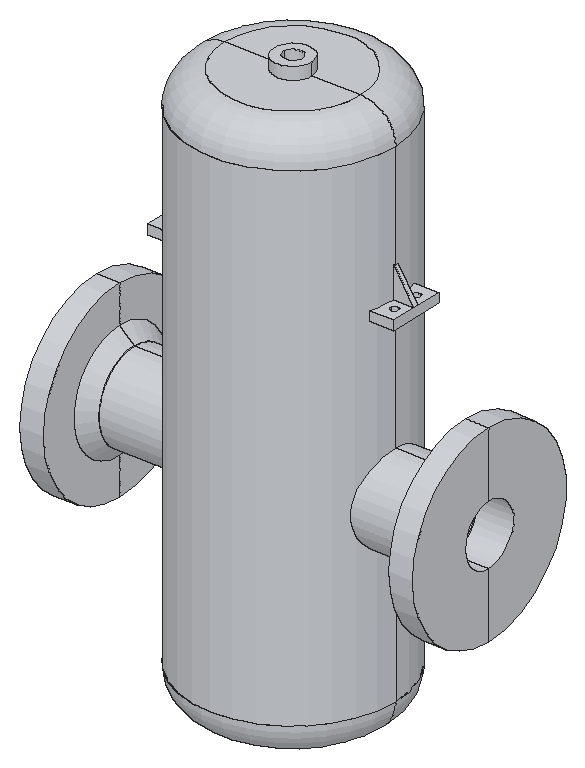
Revit family "Pipe_Accessories_Separator_Spirax-Sarco_S8-Carbon-Steel-Separator", category Pipe Accessories, Revit 2013
Parameters (values of type "DN65")
  _distributed by = "www.bimstore.co.uk"
  _current revision = 1  # constant formula
  _created by = "Dayle Zieleniewski"  # constant formula
  _bimspec_guid = 0
  Weight = if(Pipe Size = 65 mm, 38.00 kg, if(Pipe Size = 80 mm, 58.00 kg, if(Pipe Size = 100 mm, 83.00 kg, if(Pipe Size = 125 mm, 118.00 kg, if(Pipe Size = 150 mm, 154.00 kg, if(Pipe Size = 200 mm, 292.00 kg, if(Pipe Size = 250 mm, 440.00 kg, if(Pipe Size = 300 mm, 564.00 kg, 735.00 kg))))))))  # 38.00 kg
  WarrantyStartDate [instance] = ""
  WarrantyGuarantorParts = ""
  WarrantyGuarantorLabour = ""
  WarrantyDurationUnit = "Years"  # constant formula
  WarrantyDurationParts = 0
  WarrantyDurationLabour = 0
  WarrantyDescription = ""
  Uniclass2 = "90-20-75/325"  # constant formula
  TypeName [instance] = Type Comments  # "DN65"
  Standards = "This product fully complies with the requirements of the European Pressure Equipment Directive 97 / 23 / EC and is designed and manufactured in accordance with EN 13445:2002 – 'Unfired Pressure Vessels'."  # constant formula
  SpareParts = ""
  Size = Type Comments  # "DN65"
  Shape = ""
  SerialNumber [instance] = "1384071"
  SUPPORT HOLE DIA = if(Pipe Size = 65 mm, 8.5 mm, if(Pipe Size = 80 mm, 8.5 mm, if(Pipe Size = 100 mm, 8.5 mm, if(Pipe Size = 125 mm, 10.5 mm, if(Pipe Size = 150 mm, 10.5 mm, if(Pipe Size = 200 mm, 10.5 mm, if(Pipe Size = 250 mm, 12.5 mm, if(Pipe Size = 300 mm, 12.5 mm, 14.5 mm))))))))  # 8.5 mm
  ReplacementCost = 0
  ReferencedStandard = ""
  ProductionYear = ""
  Pipe outter = Pipe Size + 30 mm  # 95 mm
  Pipe Radius = Pipe Size / 2  # 32.5 mm
  Optional Extras = "Heavy duty springs, Viton soft seats, EPDM soft seats "  # constant formula
  ModelNumber = Model  # "S8 Stainless Steel Separator DN65 to DN350"
  Material = "Stainless Steel"  # constant formula
  K = if(Pipe Size = 65 mm, 30 mm, if(Pipe Size = 80 mm, 30 mm, if(Pipe Size = 100 mm, 40 mm, if(Pipe Size = 125 mm, 44 mm, if(Pipe Size = 150 mm, 60 mm, if(Pipe Size = 200 mm, 60 mm, if(Pipe Size = 250 mm, 72 mm, if(Pipe Size = 300 mm, 72 mm, 108 mm))))))))  # 30 mm
  J = if(Pipe Size = 65 mm, 263 mm, if(Pipe Size = 80 mm, 318 mm, if(Pipe Size = 100 mm, 384 mm, if(Pipe Size = 125 mm, 416 mm, if(Pipe Size = 150 mm, 486 mm, if(Pipe Size = 200 mm, 560 mm, if(Pipe Size = 250 mm, 688 mm, if(Pipe Size = 300 mm, 698 mm, 816 mm))))))))  # 263 mm
  InstallationDate [instance] = ""
  H = if(Pipe Size = 65 mm, 100 mm, if(Pipe Size = 80 mm, 125 mm, if(Pipe Size = 100 mm, 125 mm, if(Pipe Size = 125 mm, 150 mm, if(Pipe Size = 150 mm, 150 mm, if(Pipe Size = 200 mm, 175 mm, if(Pipe Size = 250 mm, 175 mm, if(Pipe Size = 300 mm, 200 mm, 200 mm))))))))  # 100 mm
  Grade = ""
  G Radius = G / 2  # 10 mm
  G = if(Pipe Size = 65 mm, 20 mm, if(Pipe Size = 80 mm, 20 mm, if(Pipe Size = 100 mm, 20 mm, if(Pipe Size = 125 mm, 20 mm, if(Pipe Size = 150 mm, 20 mm, 50 mm)))))  # 20 mm
  Flange Standard = ""
  Finish = ""
  Features = ""
  FLANGE SIZE = (Pipe Size + 140 mm) / 2  # 102.5 mm
  F Radius = F / 2  # 12.5 mm
  F = if(Pipe Size = 65 mm, 25 mm, if(Pipe Size = 80 mm, 25 mm, 50 mm))  # 25 mm
  ExpectedLife = 0
  E = if(Pipe Size = 65 mm, 181 mm, if(Pipe Size = 80 mm, 204 mm, if(Pipe Size = 100 mm, 180 mm, if(Pipe Size = 125 mm, 247 mm, if(Pipe Size = 150 mm, 273 mm, if(Pipe Size = 200 mm, 372 mm, if(Pipe Size = 250 mm, 530 mm, if(Pipe Size = 300 mm, 540 mm, 525 mm))))))))  # 181 mm
  DurationUnit = "Years"  # constant formula
  DocumentationTechnical = "http://www.spiraxsarco.com/pdfs/TI/p138_10.pdf"
  DocumentationLiterature = ""
  DocumentationInstallationGuide = "http://www.spiraxsarco.com/pdfs/IM/p023_55.pdf"
  DocumentationCertificates = ""
  Disposal = "The product is recyclable. No ecological hazard is anticipated with disposal of this product providing due care is taken."  # constant formula
  Designed for a maximum cold hydraulic test pressure of: bar g = ""
  Design pressure bar g = ""
  Design Temperature = 0
  D = if(Pipe Size = 65 mm, 219 mm, if(Pipe Size = 80 mm, 273 mm, if(Pipe Size = 100 mm, 324 mm, if(Pipe Size = 125 mm, 377 mm, if(Pipe Size = 150 mm, 426 mm, if(Pipe Size = 200 mm, 530 mm, if(Pipe Size = 250 mm, 600 mm, if(Pipe Size = 300 mm, 600 mm, 700 mm))))))))  # 219 mm
  CreatedOn = "July 2014"  # constant formula
  CreatedBy = "UKEnquiries@SpiraxSarco.com"  # constant formula
  Consitituents = ""
  Color = ""
  CodePerformance = ""
  ClassificationValue = "L7136"  # constant formula
  ClassificationName = "Uniclass1.4"  # constant formula
  Certification = "This product is available with material certification to EN 10204 3.1 as standard. A full data dossier is available at extra cost – consult Spirax Sarco. Note: All certification / inspection requirements must be stated at the time of order placement."  # constant formula
  Carbon Steel = Spirax_Sarco-Stainless_Steel
  C = if(Pipe Size = 65 mm, 638 mm, if(Pipe Size = 80 mm, 735 mm, if(Pipe Size = 100 mm, 795 mm, if(Pipe Size = 125 mm, 843 mm, if(Pipe Size = 150 mm, 935 mm, if(Pipe Size = 200 mm, 1200 mm, if(Pipe Size = 250 mm, 1580 mm, if(Pipe Size = 300 mm, 1700 mm, 1800 mm))))))))  # 638 mm
  BarCode = ""
  BRACKET WIDTH = K * 2  # 60 mm
  BRACKET HEIGHT = (J - D)  # 44 mm
  BOTTOM VENT = F + 20 mm  # 45 mm
  URL = "http://www.spiraxsarco.com/uk/"
  Type Comments = if(Pipe Size = 65 mm, "DN65", if(Pipe Size = 80 mm, "DN80", if(Pipe Size = 100 mm, "DN100", if(Pipe Size = 125 mm, "DN125", if(Pipe Size = 150 mm, "DN150", if(Pipe Size = 200 mm, "DN200", if(Pipe Size = 250 mm, "DN250", if(Pipe Size = 300 mm, "DN300", "DN350"))))))))  # "DN65"
  TOP VENT = G + 20 mm  # 40 mm
  Product Link = ""
  Product Documentation Link = "http://www.spiraxsarco.com/pdfs/TI/p138_10.pdf"
  Pipe Size = 65 mm
  Operation = ""
  Model = "S8 Stainless Steel Separator DN65 to DN350"  # constant formula
  Maximum Allowable Pressure = "16 bar g at 120°C"  # constant formula
  Manufacturer = "Spirax Sarco Ltd"  # constant formula
  Loss Method = K Coefficient
  K Coefficient = 0  # constant formula
  Installation Note = "Installation note: To ensure efficient drainage of condensate a suitable ball float trap and air vent should be installed. For air / gas applications a balance line is required between the CA trap and the main line or top of the separator – consult Spirax Sarco for further details."  # constant formula
  Description = "The S8 is a stainless steel baffle type separator for the efficient removal of entrained liquids from steam, air and gas systems. A suitable steam trap (FT) or liquid drainer (CA) is required to drain the collected condensate / liquid depending on the application: For steam service fit an FT ball float steam trap and AV air vent. For air / gas service fit a CA ball float liquid drainer"  # constant formula
  BEND OFFSET = D / 6  # 36.5 mm
  B = if(Pipe Size = 65 mm, 252 mm, if(Pipe Size = 80 mm, 332 mm, if(Pipe Size = 100 mm, 337 mm, if(Pipe Size = 125 mm, 310 mm, if(Pipe Size = 150 mm, 347 mm, if(Pipe Size = 200 mm, 460 mm, if(Pipe Size = 250 mm, 615 mm, if(Pipe Size = 300 mm, 740 mm, 754 mm))))))))  # 252 mm
  AssetType = "Fixed"  # constant formula
  AssetIdentifier = ""
  Assembly Code = "D30"
  AccessibilityPerformance = ""
  A = if(Pipe Size = 65 mm, 420 mm, if(Pipe Size = 80 mm, 489 mm, if(Pipe Size = 100 mm, 574 mm, if(Pipe Size = 125 mm, 656 mm, if(Pipe Size = 150 mm, 706 mm, if(Pipe Size = 200 mm, 858 mm, if(Pipe Size = 250 mm, 950 mm, if(Pipe Size = 300 mm, 1010 mm, 1100 mm))))))))  # 420 mm
Types (9, lengths in mm): name | Weight | TypeName | Size | SerialNumber | SUPPORT HOLE DIA | Pipe outter | Pipe Radius | K | J | H | G Radius | G | FLANGE SIZE | F Radius | F | E | D | C | BRACKET WIDTH | BRACKET HEIGHT | BOTTOM VENT | Type Comments | TOP VENT | Pipe Size | BEND OFFSET | B | A
  DN65 | 38.00 kg | "DN65" | "DN65" | "1384071" | 8.5 | 95 | 32.5 | 30 | 263 | 100 | 10 | 20 | 102.5 | 12.5 | 25 | 181 | 219 | 638 | 60 | 44 | 45 | "DN65" | 40 | 65 | 36.5 | 252 | 420
  DN80 | 58.00 kg | "DN80" | "DN80" | "1384171" | 8.5 | 110 | 40 | 30 | 318 | 125 | 10 | 20 | 110 | 12.5 | 25 | 204 | 273 | 735 | 60 | 45 | 45 | "DN80" | 40 | 80 | 45.5 | 332 | 489
  DN100 | 83.00 kg | "DN100" | "DN100" | "1383271" | 8.5 | 130 | 50 | 40 | 384 | 125 | 10 | 20 | 120 | 25 | 50 | 180 | 324 | 795 | 80 | 60 | 70 | "DN100" | 40 | 100 | 54 | 337 | 574
  DN125 | 118.00 kg | "DN125" | "DN125" | "1383371" | 10.5 | 155 | 62.5 | 44 | 416 | 150 | 10 | 20 | 132.5 | 25 | 50 | 247 | 377 | 843 | 88 | 39 | 70 | "DN125" | 40 | 125 | 62.833 | 310 | 656
  DN150 | 154.00 kg | "DN150" | "DN150" | "1383471" | 10.5 | 180 | 75 | 60 | 486 | 150 | 10 | 20 | 145 | 25 | 50 | 273 | 426 | 935 | 120 | 60 | 70 | "DN150" | 40 | 150 | 71 | 347 | 706
  DN200 | 292.00 kg | "DN200" | "DN200" | "1383571" | 10.5 | 230 | 100 | 60 | 560 | 175 | 25 | 50 | 170 | 25 | 50 | 372 | 530 | 1200 | 120 | 30 | 70 | "DN200" | 70 | 200 | 88.333 | 460 | 858
  DN250 | 440.00 kg | "DN250" | "DN250" | "1383671" | 12.5 | 280 | 125 | 72 | 688 | 175 | 25 | 50 | 195 | 25 | 50 | 530 | 600 | 1580 | 144 | 88 | 70 | "DN250" | 70 | 250 | 100 | 615 | 950
  DN300 | 564.00 kg | "DN300" | "DN300" | "1383771" | 12.5 | 330 | 150 | 72 | 698 | 200 | 25 | 50 | 220 | 25 | 50 | 540 | 600 | 1700 | 144 | 98 | 70 | "DN300" | 70 | 300 | 100 | 740 | 1010
  DN350 | 735.00 kg | "DN350" | "DN350" | "1383871" | 14.5 | 380 | 175 | 108 | 816 | 200 | 25 | 50 | 245 | 25 | 50 | 525 | 700 | 1800 | 216 | 116 | 70 | "DN350" | 70 | 350 | 116.667 | 754 | 1100
Reference planes
  plane 1 "Center (Front/Back)": y = 0
  plane 2: z = 0
  plane 3 "Center (Left/Right)": x = 0
  plane 4: x = -210
  plane 5: x = 210
  plane 6: z = 386
  plane 7: z = -252
  plane 8: z = 181
  plane 9: x = -109.5
  plane 10: x = 109.5
  plane 11: z = 373
  plane 12: z = -232.5
  plane 13: z = 336.5
  plane 14: z = -196
  plane 15: x = -73
  plane 16: x = 73
  plane 17: x = 185
  plane 18: x = 170
  plane 19: x = -185
  plane 20: x = -170
  plane 21: z = 102.5
  plane 22: z = 62.5
  plane 23: z = 47.5
  plane 24: x = -131.5
  plane 25: x = 131.5
  plane 26: z = 225
  plane 27: z = 191
  plane 28: y = 15
  plane 29: y = -15
  plane 30: x = -120.5
  plane 31: x = 120.5
  plane 32: y = 30
  plane 33: y = -30
  plane 34: y = 2.5
  plane 35: y = -2.5
Forms (mm)
  Extrusion 1, solid, detail levels fine
    sketch origin (0, 0, 0) x (1, 0, 0) y (0, 1, 0)
      loop
        circle (0, 0) r 109.5
    from -196 to 336.5
  Revolve 2, solid, detail levels fine
    sketch origin (0, 0, 0) x (1, 0, 0) y (0, 0, 1)
      loop
        arc (-73, 373) -> (-98.809, 362.309) -> (-109.5, 336.5) r 36.5
        line (-109.5, 336.5) -> (0, 336.5) -> (0, 373) -> (-73, 373)
      loop
        arc (-109.5, -196) -> (-98.809, -221.81) -> (-73, -232.5) r 36.5
        line (-73, -232.5) -> (0, -232.5) -> (0, -196) -> (-109.5, -196)
      axis (0, 373) -> (0, -232.5)
    angle from 0 to 360
  Extrusion 3, solid, detail levels fine
    sketch origin (-459.4, -1524, 373) x (-1, 0, 0) y (0, -1, 0)
      loop
        circle (-459.4, -1524) r 10
      loop
        circle (-459.4, -1524) r 20
    from 0 to 13
  Extrusion 4, solid, detail levels fine
    sketch origin (-424.494, -1524, -232.5) x (-1, 0, 0) y (0, -1, 0)
      loop
        circle (-424.494, -1524) r 12.5
      loop
        circle (-424.494, -1524) r 22.5
    from 0 to -19.5
  Revolve 5, solid, detail levels fine
    sketch origin (0, 0, 0) x (1, 0, 0) y (0, 0, 1)
      loop
        line (170, 0) -> (210, 0) -> (210, 102.5) -> (185, 102.5) -> (185, 62.5) -> (170, 47.5) -> (170, 0)
      loop
        line (-210, 102.5) -> (-210, 0) -> (-170, 0) -> (-170, 47.5) -> (-185, 62.5) -> (-185, 102.5) -> (-210, 102.5)
      axis (-210, 0) -> (210, 0)
    angle from 0 to 360
  Extrusion 6, solid, detail levels fine
    sketch origin (73, -1524, 574.196) x (0, 0, 1) y (0, -1, 0)
      loop
        circle (-574.196, -1524) r 32.5
      loop
        circle (-574.196, -1524) r 47.5
    from -243 to 97
  Extrusion 7, void
    sketch origin (73, -1524, 574.196) x (0, 0, -1) y (0, -1, 0)
      loop
        circle (574.196, -1524) r 32.5
    from -137 to 283
  Extrusion 8, solid, detail levels fine
    sketch origin (-424.494, -1524, -232.5) x (-1, 0, 0) y (0, -1, 0)
      loop
        line (-292.994, -1554) -> (-292.994, -1494) -> (-351.494, -1494) -> (-351.494, -1554) -> (-292.994, -1554)
      loop
        line (-497.494, -1554) -> (-497.494, -1494) -> (-555.994, -1494) -> (-555.994, -1554) -> (-497.494, -1554)
      loop
        circle (-544.994, -1539) r 4.25
      loop
        circle (-544.994, -1509) r 4.25
      loop
        circle (-303.994, -1509) r 4.25
      loop
        circle (-303.994, -1539) r 4.25
    from 413.5 to 423.5
  Extrusion 9, solid, detail levels fine
    sketch origin (-587.321, -30, 1200) x (-1, 0, 0) y (0, 0, 1)
      loop
        line (-477.821, -975) -> (-477.821, -1009) -> (-455.821, -1009) -> (-477.821, -975)
      loop
        line (-696.821, -975) -> (-718.821, -1009) -> (-696.821, -1009) -> (-696.821, -975)
    from 27.5 to 32.5
Cuts and joins
  Extrusion 7 cuts Extrusion 1
  Extrusion 7 cuts Extrusion 6
  joined: Extrusion 1, Extrusion 6, Extrusion 8
  Extrusion 7 cuts Revolve 5
Lines and regions (mm)
  model lines
    curve 1: line (-210, 0, 0) -> (210, 0, 0)
  reference lines
    curve 2: line (0, 0, 386) -> (0, 0, 336.5)
    curve 3: line (0, 0, -196) -> (0, 0, -252)
Dimensions and locks
  equal spacing: plane 5, plane 3 "Center (Left/Right)", plane 4
  "A": plane 5 to plane 4
  "B": level to plane 7
  "C": plane 6 to plane 7
  "E": plane 8 to level
  equal spacing: plane 10, plane 3 "Center (Left/Right)", plane 9
  "D": plane 10 to plane 9
  locked: plane 6 to plane 11 at 13
  locked: plane 12 to plane 7 at 19.5
  "BEND OFFSET": plane 14 to plane 12
  "BEND OFFSET": plane 10 to plane 16
  "BEND OFFSET": plane 15 to plane 9
  "BEND OFFSET": plane 11 to plane 13
  plane 5 to plane 17 to plane 18 = 25 mm locked, 15 mm locked
  plane 20 to plane 19 to plane 4 = 15 mm locked, 25 mm locked
  plane 21 to plane 22 to plane 23 = 40 mm locked, 15 mm locked
  "FLANGE SIZE": plane 21 to plane 2
  equal spacing: plane 25, plane 3 "Center (Left/Right)", plane 24
  "J": plane 25 to plane 24
  "BRACKET HEIGHT": plane 26 to plane 8
  locked: plane 27 to plane 8 at 10
  equal spacing: plane 28, plane 1 "Center (Front/Back)", plane 29
  "K": plane 28 to plane 29
  equal spacing: plane 24, plane 30, plane 9
  equal spacing: plane 10, plane 31, plane 25
  "BRACKET WIDTH": plane 32 to plane 33
  equal spacing: plane 32, plane 1 "Center (Front/Back)", plane 33
  locked: plane 34 to plane 35 at 5
  equal spacing: plane 34, plane 1 "Center (Front/Back)", plane 35
  "D": diameter of Extrusion 1 sketch curve
  "G": diameter of Extrusion 3 sketch curve
  "TOP VENT": diameter of Extrusion 3 sketch curve
  "F": diameter of Extrusion 4 sketch curve
  "BOTTOM VENT": diameter of Extrusion 4 sketch curve
  "Pipe Size": diameter of Extrusion 6 sketch curve
  "Pipe outter": diameter of Extrusion 6 sketch curve
  "Pipe Size": diameter of Extrusion 7 sketch curve
  "SUPPORT HOLE DIA": diameter of Extrusion 8 sketch curve  (x4)
  aligned and locked: level to plane 2
  aligned and locked: Extrusion 1 to plane 14
  aligned and locked: plane 13 to Extrusion 1
  aligned and locked: Revolve 2 sketch curve to plane 3 "Center (Left/Right)"  (x2)
  aligned and locked: plane 15 to Revolve 2 sketch curve  (x2)
  aligned and locked: Revolve 2 sketch curve to plane 11
  aligned and locked: plane 3 "Center (Left/Right)" to Revolve 2 sketch curve  (x3)
  aligned and locked: plane 9 to Revolve 2 sketch curve  (x2)
  aligned and locked: Revolve 2 sketch curve to plane 13
  aligned and locked: plane 13 to Revolve 2 sketch curve
  aligned and locked: plane 11 to Revolve 2 sketch curve
  aligned and locked: Revolve 2 sketch curve to plane 14
  aligned and locked: plane 12 to Revolve 2 sketch curve
  aligned and locked: plane 14 to Revolve 2 sketch curve
  aligned and locked: Revolve 2 sketch curve to plane 12
  aligned and locked: plane 6 to Extrusion 3
  aligned and locked: Extrusion 3 to plane 11
  aligned and locked: Extrusion 4 to plane 12
  aligned and locked: Extrusion 4 to plane 7
  aligned and locked: plane 5 to curve 1
  aligned and locked: plane 4 to curve 1
  aligned and locked: curve 1 to level
  aligned and locked: Revolve 5 sketch curve to level  (x3)
  aligned and locked: Revolve 5 sketch curve to plane 17
  aligned and locked: plane 18 to Revolve 5 sketch curve
  aligned and locked: plane 5 to Revolve 5 sketch curve
  aligned and locked: plane 21 to Revolve 5 sketch curve  (x2)
  aligned and locked: plane 22 to Revolve 5 sketch curve  (x2)
  aligned and locked: plane 23 to Revolve 5 sketch curve  (x2)
  aligned and locked: Revolve 5 sketch curve to plane 20
  aligned and locked: Revolve 5 sketch curve to plane 4
  aligned and locked: Revolve 5 sketch curve to plane 21
  aligned and locked: plane 19 to Revolve 5 sketch curve
  aligned and locked: plane 20 to Extrusion 6
  aligned and locked: plane 18 to Extrusion 6
  aligned and locked: Extrusion 7 to plane 4
  aligned and locked: plane 5 to Extrusion 7
  aligned and locked: Extrusion 8 sketch curve to plane 32  (x2)
  aligned and locked: Extrusion 8 sketch curve to plane 15
  aligned and locked: plane 33 to Extrusion 8 sketch curve  (x2)
  aligned and locked: plane 24 to Extrusion 8 sketch curve
  aligned and locked: Extrusion 8 sketch curve to plane 25
  aligned and locked: plane 16 to Extrusion 8 sketch curve
  aligned and locked: plane 27 to Extrusion 8
  aligned and locked: Extrusion 8 to plane 8
  aligned and locked: plane 34 to Extrusion 9
  aligned and locked: Extrusion 9 to plane 35
  aligned and locked: plane 13 to curve 2
  aligned and locked: plane 6 to curve 2
  aligned and locked: curve 2 to plane 3 "Center (Left/Right)"
  aligned and locked: plane 7 to curve 3
  aligned and locked: plane 14 to curve 3
  aligned and locked: curve 3 to plane 3 "Center (Left/Right)"
  aligned and locked: plane 5 to nested 1
  aligned and locked: plane 1 "Center (Front/Back)" to nested 1
  aligned and locked: plane 4 to nested 1
Automatic sketch dimensions
  Revolve 2 sketch curve to plane 7 = 518.736 mm
  plane 6 to Revolve 2 sketch curve = 243.264 mm
  Revolve 5 sketch curve to plane 18 = 13.368 mm
  Revolve 5 sketch curve to Revolve 5 sketch curve = 51.632 mm
  Extrusion 9 sketch curve to plane 10 = 0 mm
  Extrusion 9 sketch curve to plane 9 = 0 mm
  Extrusion 9 sketch curve to plane 24 = 0 mm
  Extrusion 9 sketch curve to plane 27 = 0 mm  (x2)
  Extrusion 9 sketch curve to plane 26 = 0 mm  (x2)
  Extrusion 9 sketch curve to plane 25 = 0 mm
  plane 1 "Center (Front/Back)" to Extrusion 1 sketch curve = 0 mm
  Extrusion 1 sketch curve to plane 3 "Center (Left/Right)" = 0 mm
  Extrusion 3 sketch curve to Extrusion 3 sketch curve = 0 mm  (x2)
  plane 1 "Center (Front/Back)" to Extrusion 3 sketch curve = 0 mm
  Extrusion 3 sketch curve to plane 3 "Center (Left/Right)" = 0 mm
  Extrusion 4 sketch curve to Extrusion 4 sketch curve = 0 mm  (x2)
  plane 1 "Center (Front/Back)" to Extrusion 4 sketch curve = 0 mm
  Extrusion 4 sketch curve to plane 3 "Center (Left/Right)" = 0 mm
  Extrusion 6 sketch curve to Extrusion 6 sketch curve = 0 mm  (x2)
  Extrusion 6 sketch curve to level = 0 mm
  Extrusion 6 sketch curve to plane 1 "Center (Front/Back)" = 0 mm
  Extrusion 7 sketch curve to level = 0 mm
  Extrusion 7 sketch curve to plane 1 "Center (Front/Back)" = 0 mm
  Extrusion 8 sketch curve to plane 29 = 0 mm  (x2)
  Extrusion 8 sketch curve to plane 31 = 0 mm  (x2)
  Extrusion 8 sketch curve to plane 28 = 0 mm  (x2)
  Extrusion 8 sketch curve to plane 30 = 0 mm  (x2)
Nested families
  nested 1: "Symbol_Separator" at (0, 0, 0), type "Symbol_Separator", detail levels coarse+medium
    with Width 420 mm, Symbol Width 360 mm
Connectors
  piping at (-210, 0, 0), driven by "Pipe Radius", driven by "K Coefficient"
    settings: on curve 1, index 1, connector radius 32.5 mm, flow factor 0, pipe flow 0.0 L/s, pressure drop 0.0 Pa, fitting loss kfactor 0, connector angle 0.00°, fixture units 0, engagement length 0 mm, flow configuration 0, flow direction 0, fitting loss method 2, system type 29, joint type 0, gender type 0, connector reference index 2, connector utility 0, adjustable connector no, is connector primary yes, fitting loss table "", connector description ""
  piping at (210, 0, 0), driven by "Pipe Radius", driven by "K Coefficient"
    settings: on curve 1, index 2, connector radius 32.5 mm, flow factor 0, pipe flow 0.0 L/s, pressure drop 0.0 Pa, fitting loss kfactor 0, connector angle 0.00°, fixture units 0, engagement length 0 mm, flow configuration 0, flow direction 0, fitting loss method 2, system type 29, joint type 0, gender type 0, connector reference index 1, connector utility 0, adjustable connector no, is connector primary no, fitting loss table "", connector description ""
  piping at (0, 0, 386), driven by "G Radius"
    settings: on curve 2, index 3, connector radius 10 mm, flow factor 0, pipe flow 0.0 L/s, pressure drop 0.0 Pa, fitting loss kfactor 0, connector angle 0.00°, fixture units 0, engagement length 0 mm, flow configuration 0, flow direction 2, fitting loss method 0, system type 17, joint type 0, gender type 0, connector reference index -1, connector utility 0, adjustable connector no, is connector primary no, fitting loss table "", connector description ""
  piping at (0, 0, -252), driven by "F Radius"
    settings: on curve 3, index 4, connector radius 12.5 mm, flow factor 0, pipe flow 0.0 L/s, pressure drop 0.0 Pa, fitting loss kfactor 0, connector angle 0.00°, fixture units 0, engagement length 0 mm, flow configuration 0, flow direction 2, fitting loss method 0, system type 22, joint type 0, gender type 0, connector reference index -1, connector utility 0, adjustable connector no, is connector primary no, fitting loss table "", connector description ""
Definition of nested family "Symbol_Separator"
  Parameters (values of type "Symbol_Separator")
    Width [instance] = 510 mm
    Symbol Width [instance] = Width - 60 mm  # 450 mm
    Default Elevation = 1219.2 mm
  Reference planes
    plane 1 "Center (Front/Back)": y = 0
    plane 2: z = 0
    plane 3 "Center (Left/Right)": x = 0
    plane 4: x = -225
    plane 5: x = 225
    plane 6: y = -225
    plane 7: y = 225
    plane 8: x = 255
    plane 9: x = -255
  Forms (mm)
    Extrusion 1, solid
      sketch origin (0, 0, 0) x (1, 0, 0) y (0, 1, 0)
        loop
          line (-1219.2, 1219.2) -> (-1219.2, -1219.2) -> (1219.2, -1219.2) -> (1219.2, 1219.2) -> (-1219.2, 1219.2)
      from 0 to -304.8
  Lines and regions (mm)
    model lines
      curve 1: line (-225, 225, 0) -> (225, 225, 0)
      curve 2: line (-225, -225, 0) -> (-225, 225, 0)
      curve 3: line (225, -225, 0) -> (-225, -225, 0)
      curve 4: line (225, 225, 0) -> (225, -225, 0)
      curve 5: line (-255, 0, 0) -> (-225, 0, 0)
      curve 6: line (225, 0, 0) -> (255, 0, 0)
      curve 7: line (0, 0, 0) -> (0, 225, 0)
  Dimensions and locks
    equal spacing: plane 4, plane 3 "Center (Left/Right)", plane 5
    equal spacing: plane 6, plane 1 "Center (Front/Back)", plane 7
    "Width": plane 9 to plane 8
    locked: plane 9 to plane 4 at 30
    locked: plane 5 to plane 8 at 30
    "Symbol Width": plane 6 to plane 7
    aligned and locked: plane 2 to Extrusion 1
    aligned and locked: level to Extrusion 1
    aligned and locked: curve 4 to plane 5
    aligned and locked: plane 7 to curve 1
    aligned and locked: plane 4 to curve 2
    aligned and locked: curve 3 to plane 6
    aligned and locked: plane 8 to curve 6
    aligned and locked: plane 5 to curve 6
    aligned and locked: plane 1 "Center (Front/Back)" to curve 6
    aligned and locked: plane 9 to curve 5
    aligned and locked: plane 4 to curve 5
    aligned and locked: plane 1 "Center (Front/Back)" to curve 5
    aligned and locked: plane 7 to curve 7
    aligned and locked: plane 1 "Center (Front/Back)" to curve 7
    aligned and locked: plane 3 "Center (Left/Right)" to curve 7
  Automatic sketch dimensions
    Extrusion 1 sketch curve to Extrusion 1 sketch curve = 2438.4 mm  (x2)
